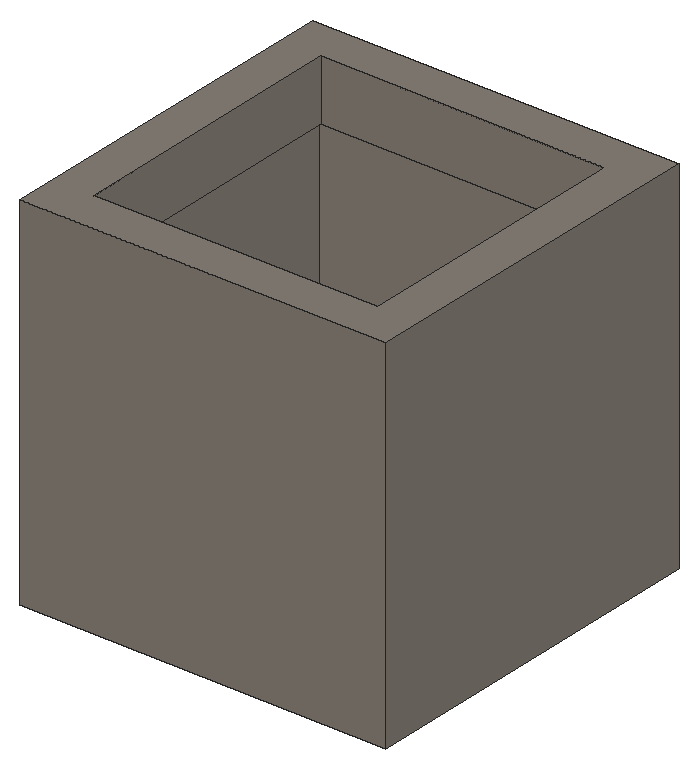
Revit family "Specialty_Equipment-Fiberglass_Planter-Planters_Unlimited-Baxter-Rectangular & Square-rev", category Specialty Equipment, Revit 2023
Family settings
  Round Connector Dimension = Use Diameter
  Part Type = Normal
  OmniClass Number = 23.40.05.21.17
  OmniClass Title = Planters
  Work Plane-Based = No
  Enable Cutting in Views = No
  Always vertical = Yes
  Cut with Voids When Loaded = No
  Maintain Annotation Orientation = No
  Shared = No
  Room Calculation Point = No
Parameters (values of type "18"L x 18"W x 18"H")
  URL = "https://www.plantersunlimited.com"
  Type Comments = if(CD_Length = CD_Width, "Square Planter", "Rectangular Planter")  # "Square Planter"
  Model = "Baxter Series Planter"  # constant formula
  Manufacturer = "Planters Unlimited"  # constant formula
  Description = if(CD_Length = CD_Width, "Baxter Square Planter", "Baxter Rectangular Planter")  # "Baxter Square Planter"
  Default Elevation = 0.0"
  CD_Width = 18.0"
  CD_Specification = "https://www.plantersunlimited.com/content/Planters/C19-LYN-REC.pdf"
  CD_Radius Baseplate = 5.95"
  CD_Product Page URL = "https://www.plantersunlimited.com/lynx-rectangular-planters48/"
  CD_Product Name [instance] = "Baxter Planter"  # constant formula
  CD_Planter Lip = 0.925"
  CD_Pad Spacing = 4.95"
  CD_Pad Size = 3.0"  # constant formula
  CD_Microsite = "https://www.caddetails.com/3404"
  CD_Height = 18.0"
  CD_Finish = Plastic-Fiberglass-Carlsbad-Gloss-Black_Fox
  CD_Length = 18.0"
  CD_Created By = "CADdetails LTD. 2024"  # constant formula
  Assembly Code = "G2050600"
Reference planes (in)
  plane 1 "Center (Front/Back)": y = 0
  plane 2: z = 0
  plane 3 "Center (Left/Right)": x = 0
  plane 4 "Right": x = 9
  plane 5 "Left": x = -9
  plane 6 "Back": y = 9
  plane 7 "Front": y = -9
  plane 8 "Top": z = 18
  plane 9 "Bottom": z = 0
  plane 10 "Bottom of Planter": z = 0.125
  plane 11 "Pad": z = 0.125
  plane 12 "Lip": y = 7
  plane 13 "Lip Depth": z = 15
  plane 14 "Pad1,2": x = -6.5
  plane 15 "Pad Back": y = 6.5
  plane 16 "Pad1,3": x = 0
  plane 17 "Pad1,4": x = 0
  plane 18 "Pad1,5": x = 0
  plane 19 "Pad5,6": x = 6.5
  plane 20 "Pad Front": y = -6.5
  plane 21 "Inner wall": y = 7.5
  plane 22 "Base Plate": z = 1
  plane 23: z = 1
  plane 24 "Base of the wall": z = 1
  plane 25 "Pad 3,4": x = 0
Forms (in)
  Sweep 1, solid, material "Plastic-Fiberglass-Carlsbad-Gloss-Black_Fox" <- "CD_Finish"
    path origin (0, 0, 0.125) x (-1, 0, 0) y (0, -1, 0)
      loop
        line (9, -9) -> (9, 9) -> (-9, 9) -> (-9, -9) -> (9, -9)
    profile origin (0, 9, 0.125) x (0, 1, 0) y (0, 0, 1)
      loop
        line (0, 17.875) -> (-2, 17.875) -> (-2, 14.875) -> (-1.5, 14.875) -> (-1.5, 0) -> (0, 0) -> (0, 17.875)
  Extrusion 2, solid, material "Plastic-Fiberglass-Carlsbad-Gloss-Black_Fox" <- "CD_Finish"
    sketch origin (0, 0, 0.125) x (-1, 0, 0) y (0, -1, 0)
      loop
        line (7.5, -7.5) -> (7.5, 7.5) -> (-7.5, 7.5) -> (-7.5, -7.5) -> (7.5, -7.5)
    from 0 to 0.875
  Extrusion 3, solid, material "Plastic-Fiberglass-Carlsbad-Gloss-Black_Fox"
    sketch origin (0, 0, 18) x (-1, 0, 0) y (0, -1, 0)
      loop
        line (8, -8) -> (8, -5) -> (5, -5) -> (5, -8) -> (8, -8)
    from -18 to -17.875
  Extrusion 4, solid, material "Plastic-Fiberglass-Carlsbad-Gloss-Black_Fox"
    sketch origin (0, 0, 18) x (-1, 0, 0) y (0, -1, 0)
      loop
        line (1.5, -8) -> (1.5, -5) -> (-1.5, -5) -> (-1.5, -8) -> (1.5, -8)
    from -18 to -17.875
  Extrusion 5, solid, material "Plastic-Fiberglass-Carlsbad-Gloss-Black_Fox"
    sketch origin (0, 0, 18) x (-1, 0, 0) y (0, -1, 0)
      loop
        line (-5, -8) -> (-5, -5) -> (-8, -5) -> (-8, -8) -> (-5, -8)
    from -18 to -17.875
  Extrusion 6, solid, material "Plastic-Fiberglass-Carlsbad-Gloss-Black_Fox"
    sketch origin (0, 0, 18) x (-1, 0, 0) y (0, -1, 0)
      loop
        line (8, 8) -> (5, 8) -> (5, 5) -> (8, 5) -> (8, 8)
    from -18 to -17.875
  Extrusion 7, solid, material "Plastic-Fiberglass-Carlsbad-Gloss-Black_Fox"
    sketch origin (0, 0, 18) x (-1, 0, 0) y (0, -1, 0)
      loop
        line (1.5, 8) -> (-1.5, 8) -> (-1.5, 5) -> (1.5, 5) -> (1.5, 8)
    from -18 to -17.875
  Extrusion 8, solid, material "Plastic-Fiberglass-Carlsbad-Gloss-Black_Fox"
    sketch origin (0, 0, 18) x (-1, 0, 0) y (0, -1, 0)
      loop
        line (-5, 8) -> (-8, 8) -> (-8, 5) -> (-5, 5) -> (-5, 8)
    from -18 to -17.875
Dimensions and locks (in)
  locked: plane 10 "Bottom of Planter" to level at 0.125
  plane 7 "Front" to plane 6 "Back" = 18.0"
  plane 7 "Front" to plane 1 "Center (Front/Back)" to plane 6 "Back" = 9.0", 9.0"
  locked: plane 6 "Back" to plane 12 "Lip" at 2
  locked: plane 8 "Top" to plane 13 "Lip Depth" at 3
  "CD_Length": plane 5 "Left" to plane 4 "Right"
  equal spacing: plane 5 "Left", plane 3 "Center (Left/Right)", plane 4 "Right"
  "CD_Width": plane 6 "Back" to plane 7 "Front"
  equal spacing: plane 6 "Back", plane 1 "Center (Front/Back)", plane 7 "Front"
  plane 6 "Back" to Sweep 1 = 2.0"  (x3)
  Sweep 1 to plane 4 "Right" = 2.0"  (x2)
  plane 5 "Left" to Sweep 1 = 2.0"  (x2)
  Sweep 1 to plane 7 "Front" = 2.0"  (x3)
  locked: plane 5 "Left" to plane 14 "Pad1,2" at 2.5
  plane 6 "Back" to plane 15 "Pad Back" = 2.5"
  "CD_Pad Size": Extrusion 3 sketch curve to Extrusion 3 sketch curve  (x2)
  equal spacing: Extrusion 3 sketch curve, plane 14 "Pad1,2", Extrusion 3 sketch curve, locked at 1.5 each
  equal spacing: Extrusion 3 sketch curve, plane 15 "Pad Back", Extrusion 3 sketch curve, locked at 1.5 each
  "CD_Pad Size": Extrusion 4 sketch curve to Extrusion 4 sketch curve  (x2)
  "CD_Pad Size": Extrusion 5 sketch curve to Extrusion 5 sketch curve  (x2)
  plane 19 "Pad5,6" to plane 4 "Right" = 2.5"
  plane 20 "Pad Front" to plane 7 "Front" = 2.5"  (x2)
  "CD_Pad Size": Extrusion 6 sketch curve to Extrusion 6 sketch curve  (x2)
  "CD_Pad Size": Extrusion 7 sketch curve to Extrusion 7 sketch curve  (x2)
  "CD_Pad Size": Extrusion 8 sketch curve to Extrusion 8 sketch curve  (x2)
  locked: plane 6 "Back" to plane 15 "Pad Back" at 2.5
  plane 5 "Left" to plane 4 "Right" = 18.0"
  plane 8 "Top" to level = 18.0"  (x2)
  plane 11 "Pad" to plane 8 "Top" = 17.875"
  "CD_Height": plane 8 "Top" to level
  plane 6 "Back" to plane 21 "Inner wall" = 1.5"
  locked: plane 24 "Base of the wall" to level at 1
  locked: level to plane 11 "Pad" at 0.125
  plane 24 "Base of the wall" to level = 1.0"
  plane 8 "Top" to Sweep 1 = 3.0"
  plane 6 "Back" to Extrusion 3 sketch curve = 1.0"
  plane 5 "Left" to Extrusion 3 sketch curve = 1.0"
  equal spacing: Extrusion 4 sketch curve, plane 25 "Pad 3,4", Extrusion 4 sketch curve, locked at 1.5 each
  equal spacing: Extrusion 4 sketch curve, plane 15 "Pad Back", Extrusion 4 sketch curve, locked at 1.5 each
  plane 6 "Back" to Extrusion 4 sketch curve = 1.0"
  equal spacing: Extrusion 5 sketch curve, plane 19 "Pad5,6", Extrusion 5 sketch curve, locked at 1.5 each
  equal spacing: Extrusion 5 sketch curve, plane 15 "Pad Back", Extrusion 5 sketch curve, locked at 1.5 each
  plane 6 "Back" to Extrusion 5 sketch curve = 1.0"
  Extrusion 5 sketch curve to plane 4 "Right" = 1.0"
  equal spacing: Extrusion 8 sketch curve, plane 20 "Pad Front", Extrusion 8 sketch curve, locked at 1.5 each
  equal spacing: Extrusion 8 sketch curve, plane 19 "Pad5,6", Extrusion 8 sketch curve, locked at 1.5 each
  Extrusion 8 sketch curve to plane 7 "Front" = 1.0"
  Extrusion 8 sketch curve to plane 4 "Right" = 1.0"
  equal spacing: Extrusion 7 sketch curve, plane 25 "Pad 3,4", Extrusion 7 sketch curve, locked at 1.5 each
  equal spacing: Extrusion 7 sketch curve, plane 20 "Pad Front", Extrusion 7 sketch curve, locked at 1.5 each
  Extrusion 7 sketch curve to plane 7 "Front" = 1.0"
  equal spacing: Extrusion 6 sketch curve, plane 14 "Pad1,2", Extrusion 6 sketch curve, locked at 1.5 each
  equal spacing: Extrusion 6 sketch curve, plane 20 "Pad Front", Extrusion 6 sketch curve, locked at 1.5 each
  plane 5 "Left" to Extrusion 6 sketch curve = 1.0"
  Extrusion 6 sketch curve to plane 7 "Front" = 1.0"
  locked: plane 6 "Back" to Extrusion 2 sketch curve at 1.5
  locked: Extrusion 2 sketch curve to plane 7 "Front" at 1.5
  locked: plane 5 "Left" to Extrusion 2 sketch curve at 1.5
  locked: Extrusion 2 sketch curve to plane 4 "Right" at 1.5
  aligned and locked: plane 2 to level
  aligned and locked: Sweep 1 sketch curve to plane 12 "Lip"
  aligned and locked: plane 13 "Lip Depth" to Sweep 1 sketch curve
  aligned and locked: Extrusion 6 to plane 9 "Bottom"
  aligned and locked: Extrusion 7 to plane 9 "Bottom"
  aligned and locked: Extrusion 8 to plane 9 "Bottom"
  aligned and locked: Extrusion 6 to plane 10 "Bottom of Planter"
  aligned and locked: Extrusion 7 to plane 10 "Bottom of Planter"
  aligned and locked: Extrusion 8 to Extrusion 2
  aligned and locked: Extrusion 5 to plane 9 "Bottom"
  aligned and locked: Extrusion 4 to plane 9 "Bottom"
  aligned and locked: Extrusion 3 to plane 9 "Bottom"
  aligned and locked: Extrusion 5 to plane 10 "Bottom of Planter"
  aligned and locked: Extrusion 4 to plane 11 "Pad"
  aligned and locked: Extrusion 3 to plane 11 "Pad"
  aligned and locked: Extrusion 4 to plane 10 "Bottom of Planter"
  aligned and locked: Sweep 1 sketch curve to plane 6 "Back"
  aligned and locked: Sweep 1 sketch curve to plane 8 "Top"
  aligned and locked: Sweep 1 sketch curve to plane 21 "Inner wall"
  aligned and locked: Extrusion 2 to plane 24 "Base of the wall"
  aligned and locked: Sweep 1 sketch curve to profile plane
Automatic sketch dimensions
  Sweep 1 sketch curve to plane 4 "Right" = 0.0"
  Sweep 1 sketch curve to plane 5 "Left" = 0.0"
  Sweep 1 sketch curve to plane 6 "Back" = 0.0"
  Sweep 1 sketch curve to plane 7 "Front" = 0.0"
  Sweep 1 sketch curve to plane 13 "Lip Depth" = 0.0"
Types (596): name | Type Comments | Description | CD_Width | CD_Specification | CD_Product Page URL | CD_Height | CD_Length
  30"L x 12"W x 18"H | "Rectangular Planter" | "Baxter Rectangular Planter" | 12.0" | "https://www.plantersunlimited.com/content/Planters/C19-LYN-REC.pdf" | "https://www.plantersunlimited.com/lynx-rectangular-planters48/" | 18.0" | 30.0"
  30"L x 12"W x 24"H | "Rectangular Planter" | "Baxter Rectangular Planter" | 12.0" | "https://www.plantersunlimited.com/content/Planters/C19-LYN-REC.pdf" | "https://www.plantersunlimited.com/lynx-rectangular-planters48/" | 24.0" | 30.0"
  30"L x 12"W x 30"H | "Rectangular Planter" | "Baxter Rectangular Planter" | 12.0" | "https://www.plantersunlimited.com/content/Planters/C19-LYN-REC.pdf" | "https://www.plantersunlimited.com/lynx-rectangular-planters48/" | 30.0" | 30.0"
  30"L x 12"W x 36"H | "Rectangular Planter" | "Baxter Rectangular Planter" | 12.0" | "https://www.plantersunlimited.com/content/Planters/C19-LYN-REC.pdf" | "https://www.plantersunlimited.com/lynx-rectangular-planters48/" | 36.0" | 30.0"
  30"L x 15"W x 18"H | "Rectangular Planter" | "Baxter Rectangular Planter" | 15.0" | "https://www.plantersunlimited.com/content/Planters/C19-LYN-REC.pdf" | "https://www.plantersunlimited.com/lynx-rectangular-planters48/" | 18.0" | 30.0"
  30"L x 15"W x 24"H | "Rectangular Planter" | "Baxter Rectangular Planter" | 15.0" | "https://www.plantersunlimited.com/content/Planters/C19-LYN-REC.pdf" | "https://www.plantersunlimited.com/lynx-rectangular-planters48/" | 24.0" | 30.0"
  30"L x 15"W x 30"H | "Rectangular Planter" | "Baxter Rectangular Planter" | 15.0" | "https://www.plantersunlimited.com/content/Planters/C19-LYN-REC.pdf" | "https://www.plantersunlimited.com/lynx-rectangular-planters48/" | 30.0" | 30.0"
  30"L x 15"W x 36"H | "Rectangular Planter" | "Baxter Rectangular Planter" | 15.0" | "https://www.plantersunlimited.com/content/Planters/C19-LYN-REC.pdf" | "https://www.plantersunlimited.com/lynx-rectangular-planters48/" | 36.0" | 30.0"
  30"L x 15"W x 42"H | "Rectangular Planter" | "Baxter Rectangular Planter" | 15.0" | "https://www.plantersunlimited.com/content/Planters/C19-LYN-REC.pdf" | "https://www.plantersunlimited.com/lynx-rectangular-planters48/" | 42.0" | 30.0"
  30"L x 15"W x 48"H | "Rectangular Planter" | "Baxter Rectangular Planter" | 15.0" | "https://www.plantersunlimited.com/content/Planters/C19-LYN-REC.pdf" | "https://www.plantersunlimited.com/lynx-rectangular-planters48/" | 48.0" | 30.0"
  30"L x 18"W x 18"H | "Rectangular Planter" | "Baxter Rectangular Planter" | 18.0" | "https://www.plantersunlimited.com/content/Planters/C19-LYN-REC.pdf" | "https://www.plantersunlimited.com/lynx-rectangular-planters48/" | 18.0" | 30.0"
  30"L x 18"W x 24"H | "Rectangular Planter" | "Baxter Rectangular Planter" | 18.0" | "https://www.plantersunlimited.com/content/Planters/C19-LYN-REC.pdf" | "https://www.plantersunlimited.com/lynx-rectangular-planters48/" | 24.0" | 30.0"
  30"L x 18"W x 30"H | "Rectangular Planter" | "Baxter Rectangular Planter" | 18.0" | "https://www.plantersunlimited.com/content/Planters/C19-LYN-REC.pdf" | "https://www.plantersunlimited.com/lynx-rectangular-planters48/" | 30.0" | 30.0"
  30"L x 18"W x 36"H | "Rectangular Planter" | "Baxter Rectangular Planter" | 18.0" | "https://www.plantersunlimited.com/content/Planters/C19-LYN-REC.pdf" | "https://www.plantersunlimited.com/lynx-rectangular-planters48/" | 36.0" | 30.0"
  30"L x 18"W x 42"H | "Rectangular Planter" | "Baxter Rectangular Planter" | 18.0" | "https://www.plantersunlimited.com/content/Planters/C19-LYN-REC.pdf" | "https://www.plantersunlimited.com/lynx-rectangular-planters48/" | 42.0" | 30.0"
  30"L x 18"W x 48"H | "Rectangular Planter" | "Baxter Rectangular Planter" | 18.0" | "https://www.plantersunlimited.com/content/Planters/C19-LYN-REC.pdf" | "https://www.plantersunlimited.com/lynx-rectangular-planters48/" | 48.0" | 30.0"
  30"L x 24"W x 18"H | "Rectangular Planter" | "Baxter Rectangular Planter" | 24.0" | "https://www.plantersunlimited.com/content/Planters/C19-LYN-REC.pdf" | "https://www.plantersunlimited.com/lynx-rectangular-planters48/" | 18.0" | 30.0"
  30"L x 24"W x 24"H | "Rectangular Planter" | "Baxter Rectangular Planter" | 24.0" | "https://www.plantersunlimited.com/content/Planters/C19-LYN-REC.pdf" | "https://www.plantersunlimited.com/lynx-rectangular-planters48/" | 24.0" | 30.0"
  30"L x 24"W x 30"H | "Rectangular Planter" | "Baxter Rectangular Planter" | 24.0" | "https://www.plantersunlimited.com/content/Planters/C19-LYN-REC.pdf" | "https://www.plantersunlimited.com/lynx-rectangular-planters48/" | 30.0" | 30.0"
  30"L x 24"W x 36"H | "Rectangular Planter" | "Baxter Rectangular Planter" | 24.0" | "https://www.plantersunlimited.com/content/Planters/C19-LYN-REC.pdf" | "https://www.plantersunlimited.com/lynx-rectangular-planters48/" | 36.0" | 30.0"
  30"L x 24"W x 42"H | "Rectangular Planter" | "Baxter Rectangular Planter" | 24.0" | "https://www.plantersunlimited.com/content/Planters/C19-LYN-REC.pdf" | "https://www.plantersunlimited.com/lynx-rectangular-planters48/" | 42.0" | 30.0"
  30"L x 24"W x 48"H | "Rectangular Planter" | "Baxter Rectangular Planter" | 24.0" | "https://www.plantersunlimited.com/content/Planters/C19-LYN-REC.pdf" | "https://www.plantersunlimited.com/lynx-rectangular-planters48/" | 48.0" | 30.0"
  36"L x 12"W x 18"H | "Rectangular Planter" | "Baxter Rectangular Planter" | 12.0" | "https://www.plantersunlimited.com/content/Planters/C19-LYN-REC.pdf" | "https://www.plantersunlimited.com/lynx-rectangular-planters48/" | 18.0" | 36.0"
  36"L x 12"W x 24"H | "Rectangular Planter" | "Baxter Rectangular Planter" | 12.0" | "https://www.plantersunlimited.com/content/Planters/C19-LYN-REC.pdf" | "https://www.plantersunlimited.com/lynx-rectangular-planters48/" | 24.0" | 36.0"
  36"L x 12"W x 30"H | "Rectangular Planter" | "Baxter Rectangular Planter" | 12.0" | "https://www.plantersunlimited.com/content/Planters/C19-LYN-REC.pdf" | "https://www.plantersunlimited.com/lynx-rectangular-planters48/" | 30.0" | 36.0"
  36"L x 12"W x 36"H | "Rectangular Planter" | "Baxter Rectangular Planter" | 12.0" | "https://www.plantersunlimited.com/content/Planters/C19-LYN-REC.pdf" | "https://www.plantersunlimited.com/lynx-rectangular-planters48/" | 36.0" | 36.0"
  36"L x 15"W x 18"H | "Rectangular Planter" | "Baxter Rectangular Planter" | 15.0" | "https://www.plantersunlimited.com/content/Planters/C19-LYN-REC.pdf" | "https://www.plantersunlimited.com/lynx-rectangular-planters48/" | 18.0" | 36.0"
  36"L x 15"W x 24"H | "Rectangular Planter" | "Baxter Rectangular Planter" | 15.0" | "https://www.plantersunlimited.com/content/Planters/C19-LYN-REC.pdf" | "https://www.plantersunlimited.com/lynx-rectangular-planters48/" | 24.0" | 36.0"
  36"L x 15"W x 30"H | "Rectangular Planter" | "Baxter Rectangular Planter" | 15.0" | "https://www.plantersunlimited.com/content/Planters/C19-LYN-REC.pdf" | "https://www.plantersunlimited.com/lynx-rectangular-planters48/" | 30.0" | 36.0"
  36"L x 15"W x 36"H | "Rectangular Planter" | "Baxter Rectangular Planter" | 15.0" | "https://www.plantersunlimited.com/content/Planters/C19-LYN-REC.pdf" | "https://www.plantersunlimited.com/lynx-rectangular-planters48/" | 36.0" | 36.0"
  36"L x 15"W x 42"H | "Rectangular Planter" | "Baxter Rectangular Planter" | 15.0" | "https://www.plantersunlimited.com/content/Planters/C19-LYN-REC.pdf" | "https://www.plantersunlimited.com/lynx-rectangular-planters48/" | 42.0" | 36.0"
  36"L x 15"W x 48"H | "Rectangular Planter" | "Baxter Rectangular Planter" | 15.0" | "https://www.plantersunlimited.com/content/Planters/C19-LYN-REC.pdf" | "https://www.plantersunlimited.com/lynx-rectangular-planters48/" | 48.0" | 36.0"
  36"L x 18"W x 18"H | "Rectangular Planter" | "Baxter Rectangular Planter" | 18.0" | "https://www.plantersunlimited.com/content/Planters/C19-LYN-REC.pdf" | "https://www.plantersunlimited.com/lynx-rectangular-planters48/" | 18.0" | 36.0"
  36"L x 18"W x 24"H | "Rectangular Planter" | "Baxter Rectangular Planter" | 18.0" | "https://www.plantersunlimited.com/content/Planters/C19-LYN-REC.pdf" | "https://www.plantersunlimited.com/lynx-rectangular-planters48/" | 24.0" | 36.0"
  36"L x 18"W x 30"H | "Rectangular Planter" | "Baxter Rectangular Planter" | 18.0" | "https://www.plantersunlimited.com/content/Planters/C19-LYN-REC.pdf" | "https://www.plantersunlimited.com/lynx-rectangular-planters48/" | 30.0" | 36.0"
  36"L x 18"W x 36"H | "Rectangular Planter" | "Baxter Rectangular Planter" | 18.0" | "https://www.plantersunlimited.com/content/Planters/C19-LYN-REC.pdf" | "https://www.plantersunlimited.com/lynx-rectangular-planters48/" | 36.0" | 36.0"
  36"L x 18"W x 42"H | "Rectangular Planter" | "Baxter Rectangular Planter" | 18.0" | "https://www.plantersunlimited.com/content/Planters/C19-LYN-REC.pdf" | "https://www.plantersunlimited.com/lynx-rectangular-planters48/" | 42.0" | 36.0"
  36"L x 18"W x 48"H | "Rectangular Planter" | "Baxter Rectangular Planter" | 18.0" | "https://www.plantersunlimited.com/content/Planters/C19-LYN-REC.pdf" | "https://www.plantersunlimited.com/lynx-rectangular-planters48/" | 48.0" | 36.0"
  36"L x 24"W x 18"H | "Rectangular Planter" | "Baxter Rectangular Planter" | 24.0" | "https://www.plantersunlimited.com/content/Planters/C19-LYN-REC.pdf" | "https://www.plantersunlimited.com/lynx-rectangular-planters48/" | 18.0" | 36.0"
  36"L x 24"W x 24"H | "Rectangular Planter" | "Baxter Rectangular Planter" | 24.0" | "https://www.plantersunlimited.com/content/Planters/C19-LYN-REC.pdf" | "https://www.plantersunlimited.com/lynx-rectangular-planters48/" | 24.0" | 36.0"
  36"L x 24"W x 30"H | "Rectangular Planter" | "Baxter Rectangular Planter" | 24.0" | "https://www.plantersunlimited.com/content/Planters/C19-LYN-REC.pdf" | "https://www.plantersunlimited.com/lynx-rectangular-planters48/" | 30.0" | 36.0"
  36"L x 24"W x 36"H | "Rectangular Planter" | "Baxter Rectangular Planter" | 24.0" | "https://www.plantersunlimited.com/content/Planters/C19-LYN-REC.pdf" | "https://www.plantersunlimited.com/lynx-rectangular-planters48/" | 36.0" | 36.0"
  36"L x 24"W x 42"H | "Rectangular Planter" | "Baxter Rectangular Planter" | 24.0" | "https://www.plantersunlimited.com/content/Planters/C19-LYN-REC.pdf" | "https://www.plantersunlimited.com/lynx-rectangular-planters48/" | 42.0" | 36.0"
  36"L x 24"W x 48"H | "Rectangular Planter" | "Baxter Rectangular Planter" | 24.0" | "https://www.plantersunlimited.com/content/Planters/C19-LYN-REC.pdf" | "https://www.plantersunlimited.com/lynx-rectangular-planters48/" | 48.0" | 36.0"
  36"L x 30"W x 18"H | "Rectangular Planter" | "Baxter Rectangular Planter" | 30.0" | "https://www.plantersunlimited.com/content/Planters/C19-LYN-REC.pdf" | "https://www.plantersunlimited.com/lynx-rectangular-planters48/" | 18.0" | 36.0"
  36"L x 30"W x 24"H | "Rectangular Planter" | "Baxter Rectangular Planter" | 30.0" | "https://www.plantersunlimited.com/content/Planters/C19-LYN-REC.pdf" | "https://www.plantersunlimited.com/lynx-rectangular-planters48/" | 24.0" | 36.0"
  36"L x 30"W x 30"H | "Rectangular Planter" | "Baxter Rectangular Planter" | 30.0" | "https://www.plantersunlimited.com/content/Planters/C19-LYN-REC.pdf" | "https://www.plantersunlimited.com/lynx-rectangular-planters48/" | 30.0" | 36.0"
  36"L x 30"W x 36"H | "Rectangular Planter" | "Baxter Rectangular Planter" | 30.0" | "https://www.plantersunlimited.com/content/Planters/C19-LYN-REC.pdf" | "https://www.plantersunlimited.com/lynx-rectangular-planters48/" | 36.0" | 36.0"
  36"L x 30"W x 42"H | "Rectangular Planter" | "Baxter Rectangular Planter" | 30.0" | "https://www.plantersunlimited.com/content/Planters/C19-LYN-REC.pdf" | "https://www.plantersunlimited.com/lynx-rectangular-planters48/" | 42.0" | 36.0"
  36"L x 30"W x 48"H | "Rectangular Planter" | "Baxter Rectangular Planter" | 30.0" | "https://www.plantersunlimited.com/content/Planters/C19-LYN-REC.pdf" | "https://www.plantersunlimited.com/lynx-rectangular-planters48/" | 48.0" | 36.0"
  42"L x 12"W x 18"H | "Rectangular Planter" | "Baxter Rectangular Planter" | 12.0" | "https://www.plantersunlimited.com/content/Planters/C19-LYN-REC.pdf" | "https://www.plantersunlimited.com/lynx-rectangular-planters48/" | 18.0" | 42.0"
  42"L x 12"W x 24"H | "Rectangular Planter" | "Baxter Rectangular Planter" | 12.0" | "https://www.plantersunlimited.com/content/Planters/C19-LYN-REC.pdf" | "https://www.plantersunlimited.com/lynx-rectangular-planters48/" | 24.0" | 42.0"
  42"L x 12"W x 30"H | "Rectangular Planter" | "Baxter Rectangular Planter" | 12.0" | "https://www.plantersunlimited.com/content/Planters/C19-LYN-REC.pdf" | "https://www.plantersunlimited.com/lynx-rectangular-planters48/" | 30.0" | 42.0"
  42"L x 12"W x 36"H | "Rectangular Planter" | "Baxter Rectangular Planter" | 12.0" | "https://www.plantersunlimited.com/content/Planters/C19-LYN-REC.pdf" | "https://www.plantersunlimited.com/lynx-rectangular-planters48/" | 36.0" | 42.0"
  42"L x 15"W x 18"H | "Rectangular Planter" | "Baxter Rectangular Planter" | 15.0" | "https://www.plantersunlimited.com/content/Planters/C19-LYN-REC.pdf" | "https://www.plantersunlimited.com/lynx-rectangular-planters48/" | 18.0" | 42.0"
  42"L x 15"W x 24"H | "Rectangular Planter" | "Baxter Rectangular Planter" | 15.0" | "https://www.plantersunlimited.com/content/Planters/C19-LYN-REC.pdf" | "https://www.plantersunlimited.com/lynx-rectangular-planters48/" | 24.0" | 42.0"
  42"L x 15"W x 30"H | "Rectangular Planter" | "Baxter Rectangular Planter" | 15.0" | "https://www.plantersunlimited.com/content/Planters/C19-LYN-REC.pdf" | "https://www.plantersunlimited.com/lynx-rectangular-planters48/" | 30.0" | 42.0"
  42"L x 15"W x 36"H | "Rectangular Planter" | "Baxter Rectangular Planter" | 15.0" | "https://www.plantersunlimited.com/content/Planters/C19-LYN-REC.pdf" | "https://www.plantersunlimited.com/lynx-rectangular-planters48/" | 36.0" | 42.0"
  42"L x 15"W x 42"H | "Rectangular Planter" | "Baxter Rectangular Planter" | 15.0" | "https://www.plantersunlimited.com/content/Planters/C19-LYN-REC.pdf" | "https://www.plantersunlimited.com/lynx-rectangular-planters48/" | 42.0" | 42.0"
  42"L x 15"W x 48"H | "Rectangular Planter" | "Baxter Rectangular Planter" | 15.0" | "https://www.plantersunlimited.com/content/Planters/C19-LYN-REC.pdf" | "https://www.plantersunlimited.com/lynx-rectangular-planters48/" | 48.0" | 42.0"
  42"L x 18"W x 18"H | "Rectangular Planter" | "Baxter Rectangular Planter" | 18.0" | "https://www.plantersunlimited.com/content/Planters/C19-LYN-REC.pdf" | "https://www.plantersunlimited.com/lynx-rectangular-planters48/" | 18.0" | 42.0"
  42"L x 18"W x 24"H | "Rectangular Planter" | "Baxter Rectangular Planter" | 18.0" | "https://www.plantersunlimited.com/content/Planters/C19-LYN-REC.pdf" | "https://www.plantersunlimited.com/lynx-rectangular-planters48/" | 24.0" | 42.0"
  42"L x 18"W x 30"H | "Rectangular Planter" | "Baxter Rectangular Planter" | 18.0" | "https://www.plantersunlimited.com/content/Planters/C19-LYN-REC.pdf" | "https://www.plantersunlimited.com/lynx-rectangular-planters48/" | 30.0" | 42.0"
  42"L x 18"W x 36"H | "Rectangular Planter" | "Baxter Rectangular Planter" | 18.0" | "https://www.plantersunlimited.com/content/Planters/C19-LYN-REC.pdf" | "https://www.plantersunlimited.com/lynx-rectangular-planters48/" | 36.0" | 42.0"
  42"L x 18"W x 42"H | "Rectangular Planter" | "Baxter Rectangular Planter" | 18.0" | "https://www.plantersunlimited.com/content/Planters/C19-LYN-REC.pdf" | "https://www.plantersunlimited.com/lynx-rectangular-planters48/" | 42.0" | 42.0"
  42"L x 18"W x 48"H | "Rectangular Planter" | "Baxter Rectangular Planter" | 18.0" | "https://www.plantersunlimited.com/content/Planters/C19-LYN-REC.pdf" | "https://www.plantersunlimited.com/lynx-rectangular-planters48/" | 48.0" | 42.0"
  42"L x 24"W x 18"H | "Rectangular Planter" | "Baxter Rectangular Planter" | 24.0" | "https://www.plantersunlimited.com/content/Planters/C19-LYN-REC.pdf" | "https://www.plantersunlimited.com/lynx-rectangular-planters48/" | 18.0" | 42.0"
  42"L x 24"W x 24"H | "Rectangular Planter" | "Baxter Rectangular Planter" | 24.0" | "https://www.plantersunlimited.com/content/Planters/C19-LYN-REC.pdf" | "https://www.plantersunlimited.com/lynx-rectangular-planters48/" | 24.0" | 42.0"
  42"L x 24"W x 30"H | "Rectangular Planter" | "Baxter Rectangular Planter" | 24.0" | "https://www.plantersunlimited.com/content/Planters/C19-LYN-REC.pdf" | "https://www.plantersunlimited.com/lynx-rectangular-planters48/" | 30.0" | 42.0"
  42"L x 24"W x 36"H | "Rectangular Planter" | "Baxter Rectangular Planter" | 24.0" | "https://www.plantersunlimited.com/content/Planters/C19-LYN-REC.pdf" | "https://www.plantersunlimited.com/lynx-rectangular-planters48/" | 36.0" | 42.0"
  42"L x 24"W x 42"H | "Rectangular Planter" | "Baxter Rectangular Planter" | 24.0" | "https://www.plantersunlimited.com/content/Planters/C19-LYN-REC.pdf" | "https://www.plantersunlimited.com/lynx-rectangular-planters48/" | 42.0" | 42.0"
  42"L x 24"W x 48"H | "Rectangular Planter" | "Baxter Rectangular Planter" | 24.0" | "https://www.plantersunlimited.com/content/Planters/C19-LYN-REC.pdf" | "https://www.plantersunlimited.com/lynx-rectangular-planters48/" | 48.0" | 42.0"
  42"L x 30"W x 18"H | "Rectangular Planter" | "Baxter Rectangular Planter" | 30.0" | "https://www.plantersunlimited.com/content/Planters/C19-LYN-REC.pdf" | "https://www.plantersunlimited.com/lynx-rectangular-planters48/" | 18.0" | 42.0"
  42"L x 30"W x 24"H | "Rectangular Planter" | "Baxter Rectangular Planter" | 30.0" | "https://www.plantersunlimited.com/content/Planters/C19-LYN-REC.pdf" | "https://www.plantersunlimited.com/lynx-rectangular-planters48/" | 24.0" | 42.0"
  42"L x 30"W x 30"H | "Rectangular Planter" | "Baxter Rectangular Planter" | 30.0" | "https://www.plantersunlimited.com/content/Planters/C19-LYN-REC.pdf" | "https://www.plantersunlimited.com/lynx-rectangular-planters48/" | 30.0" | 42.0"
  42"L x 30"W x 36"H | "Rectangular Planter" | "Baxter Rectangular Planter" | 30.0" | "https://www.plantersunlimited.com/content/Planters/C19-LYN-REC.pdf" | "https://www.plantersunlimited.com/lynx-rectangular-planters48/" | 36.0" | 42.0"
  42"L x 30"W x 42"H | "Rectangular Planter" | "Baxter Rectangular Planter" | 30.0" | "https://www.plantersunlimited.com/content/Planters/C19-LYN-REC.pdf" | "https://www.plantersunlimited.com/lynx-rectangular-planters48/" | 42.0" | 42.0"
  42"L x 30"W x 48"H | "Rectangular Planter" | "Baxter Rectangular Planter" | 30.0" | "https://www.plantersunlimited.com/content/Planters/C19-LYN-REC.pdf" | "https://www.plantersunlimited.com/lynx-rectangular-planters48/" | 48.0" | 42.0"
  42"L x 36"W x 18"H | "Rectangular Planter" | "Baxter Rectangular Planter" | 36.0" | "https://www.plantersunlimited.com/content/Planters/C19-LYN-REC.pdf" | "https://www.plantersunlimited.com/lynx-rectangular-planters48/" | 18.0" | 42.0"
  42"L x 36"W x 24"H | "Rectangular Planter" | "Baxter Rectangular Planter" | 36.0" | "https://www.plantersunlimited.com/content/Planters/C19-LYN-REC.pdf" | "https://www.plantersunlimited.com/lynx-rectangular-planters48/" | 24.0" | 42.0"
  42"L x 36"W x 30"H | "Rectangular Planter" | "Baxter Rectangular Planter" | 36.0" | "https://www.plantersunlimited.com/content/Planters/C19-LYN-REC.pdf" | "https://www.plantersunlimited.com/lynx-rectangular-planters48/" | 30.0" | 42.0"
  42"L x 36"W x 36"H | "Rectangular Planter" | "Baxter Rectangular Planter" | 36.0" | "https://www.plantersunlimited.com/content/Planters/C19-LYN-REC.pdf" | "https://www.plantersunlimited.com/lynx-rectangular-planters48/" | 36.0" | 42.0"
  42"L x 36"W x 42"H | "Rectangular Planter" | "Baxter Rectangular Planter" | 36.0" | "https://www.plantersunlimited.com/content/Planters/C19-LYN-REC.pdf" | "https://www.plantersunlimited.com/lynx-rectangular-planters48/" | 42.0" | 42.0"
  42"L x 36"W x 48"H | "Rectangular Planter" | "Baxter Rectangular Planter" | 36.0" | "https://www.plantersunlimited.com/content/Planters/C19-LYN-REC.pdf" | "https://www.plantersunlimited.com/lynx-rectangular-planters48/" | 48.0" | 42.0"
  48"L x 12"W x 18"H | "Rectangular Planter" | "Baxter Rectangular Planter" | 12.0" | "https://www.plantersunlimited.com/content/Planters/C19-LYN-REC.pdf" | "https://www.plantersunlimited.com/lynx-rectangular-planters48/" | 18.0" | 48.0"
  48"L x 12"W x 24"H | "Rectangular Planter" | "Baxter Rectangular Planter" | 12.0" | "https://www.plantersunlimited.com/content/Planters/C19-LYN-REC.pdf" | "https://www.plantersunlimited.com/lynx-rectangular-planters48/" | 24.0" | 48.0"
  48"L x 12"W x 30"H | "Rectangular Planter" | "Baxter Rectangular Planter" | 12.0" | "https://www.plantersunlimited.com/content/Planters/C19-LYN-REC.pdf" | "https://www.plantersunlimited.com/lynx-rectangular-planters48/" | 30.0" | 48.0"
  48"L x 12"W x 36"H | "Rectangular Planter" | "Baxter Rectangular Planter" | 12.0" | "https://www.plantersunlimited.com/content/Planters/C19-LYN-REC.pdf" | "https://www.plantersunlimited.com/lynx-rectangular-planters48/" | 36.0" | 48.0"
  48"L x 15"W x 18"H | "Rectangular Planter" | "Baxter Rectangular Planter" | 15.0" | "https://www.plantersunlimited.com/content/Planters/C19-LYN-REC.pdf" | "https://www.plantersunlimited.com/lynx-rectangular-planters48/" | 18.0" | 48.0"
  48"L x 15"W x 24"H | "Rectangular Planter" | "Baxter Rectangular Planter" | 15.0" | "https://www.plantersunlimited.com/content/Planters/C19-LYN-REC.pdf" | "https://www.plantersunlimited.com/lynx-rectangular-planters48/" | 24.0" | 48.0"
  48"L x 15"W x 30"H | "Rectangular Planter" | "Baxter Rectangular Planter" | 15.0" | "https://www.plantersunlimited.com/content/Planters/C19-LYN-REC.pdf" | "https://www.plantersunlimited.com/lynx-rectangular-planters48/" | 30.0" | 48.0"
  48"L x 15"W x 36"H | "Rectangular Planter" | "Baxter Rectangular Planter" | 15.0" | "https://www.plantersunlimited.com/content/Planters/C19-LYN-REC.pdf" | "https://www.plantersunlimited.com/lynx-rectangular-planters48/" | 36.0" | 48.0"
  48"L x 15"W x 42"H | "Rectangular Planter" | "Baxter Rectangular Planter" | 15.0" | "https://www.plantersunlimited.com/content/Planters/C19-LYN-REC.pdf" | "https://www.plantersunlimited.com/lynx-rectangular-planters48/" | 42.0" | 48.0"
  48"L x 15"W x 48"H | "Rectangular Planter" | "Baxter Rectangular Planter" | 15.0" | "https://www.plantersunlimited.com/content/Planters/C19-LYN-REC.pdf" | "https://www.plantersunlimited.com/lynx-rectangular-planters48/" | 48.0" | 48.0"
  48"L x 18"W x 18"H | "Rectangular Planter" | "Baxter Rectangular Planter" | 18.0" | "https://www.plantersunlimited.com/content/Planters/C19-LYN-REC.pdf" | "https://www.plantersunlimited.com/lynx-rectangular-planters48/" | 18.0" | 48.0"
  48"L x 18"W x 24"H | "Rectangular Planter" | "Baxter Rectangular Planter" | 18.0" | "https://www.plantersunlimited.com/content/Planters/C19-LYN-REC.pdf" | "https://www.plantersunlimited.com/lynx-rectangular-planters48/" | 24.0" | 48.0"
  48"L x 18"W x 30"H | "Rectangular Planter" | "Baxter Rectangular Planter" | 18.0" | "https://www.plantersunlimited.com/content/Planters/C19-LYN-REC.pdf" | "https://www.plantersunlimited.com/lynx-rectangular-planters48/" | 30.0" | 48.0"
  48"L x 18"W x 36"H | "Rectangular Planter" | "Baxter Rectangular Planter" | 18.0" | "https://www.plantersunlimited.com/content/Planters/C19-LYN-REC.pdf" | "https://www.plantersunlimited.com/lynx-rectangular-planters48/" | 36.0" | 48.0"
  48"L x 18"W x 42"H | "Rectangular Planter" | "Baxter Rectangular Planter" | 18.0" | "https://www.plantersunlimited.com/content/Planters/C19-LYN-REC.pdf" | "https://www.plantersunlimited.com/lynx-rectangular-planters48/" | 42.0" | 48.0"
  48"L x 18"W x 48"H | "Rectangular Planter" | "Baxter Rectangular Planter" | 18.0" | "https://www.plantersunlimited.com/content/Planters/C19-LYN-REC.pdf" | "https://www.plantersunlimited.com/lynx-rectangular-planters48/" | 48.0" | 48.0"
  48"L x 24"W x 18"H | "Rectangular Planter" | "Baxter Rectangular Planter" | 24.0" | "https://www.plantersunlimited.com/content/Planters/C19-LYN-REC.pdf" | "https://www.plantersunlimited.com/lynx-rectangular-planters48/" | 18.0" | 48.0"
  48"L x 24"W x 24"H | "Rectangular Planter" | "Baxter Rectangular Planter" | 24.0" | "https://www.plantersunlimited.com/content/Planters/C19-LYN-REC.pdf" | "https://www.plantersunlimited.com/lynx-rectangular-planters48/" | 24.0" | 48.0"
  48"L x 24"W x 30"H | "Rectangular Planter" | "Baxter Rectangular Planter" | 24.0" | "https://www.plantersunlimited.com/content/Planters/C19-LYN-REC.pdf" | "https://www.plantersunlimited.com/lynx-rectangular-planters48/" | 30.0" | 48.0"
  48"L x 24"W x 36"H | "Rectangular Planter" | "Baxter Rectangular Planter" | 24.0" | "https://www.plantersunlimited.com/content/Planters/C19-LYN-REC.pdf" | "https://www.plantersunlimited.com/lynx-rectangular-planters48/" | 36.0" | 48.0"
  48"L x 24"W x 42"H | "Rectangular Planter" | "Baxter Rectangular Planter" | 24.0" | "https://www.plantersunlimited.com/content/Planters/C19-LYN-REC.pdf" | "https://www.plantersunlimited.com/lynx-rectangular-planters48/" | 42.0" | 48.0"
  48"L x 24"W x 48"H | "Rectangular Planter" | "Baxter Rectangular Planter" | 24.0" | "https://www.plantersunlimited.com/content/Planters/C19-LYN-REC.pdf" | "https://www.plantersunlimited.com/lynx-rectangular-planters48/" | 48.0" | 48.0"
  48"L x 30"W x 18"H | "Rectangular Planter" | "Baxter Rectangular Planter" | 30.0" | "https://www.plantersunlimited.com/content/Planters/C19-LYN-REC.pdf" | "https://www.plantersunlimited.com/lynx-rectangular-planters48/" | 18.0" | 48.0"
  48"L x 30"W x 24"H | "Rectangular Planter" | "Baxter Rectangular Planter" | 30.0" | "https://www.plantersunlimited.com/content/Planters/C19-LYN-REC.pdf" | "https://www.plantersunlimited.com/lynx-rectangular-planters48/" | 24.0" | 48.0"
  48"L x 30"W x 30"H | "Rectangular Planter" | "Baxter Rectangular Planter" | 30.0" | "https://www.plantersunlimited.com/content/Planters/C19-LYN-REC.pdf" | "https://www.plantersunlimited.com/lynx-rectangular-planters48/" | 30.0" | 48.0"
  48"L x 30"W x 36"H | "Rectangular Planter" | "Baxter Rectangular Planter" | 30.0" | "https://www.plantersunlimited.com/content/Planters/C19-LYN-REC.pdf" | "https://www.plantersunlimited.com/lynx-rectangular-planters48/" | 36.0" | 48.0"
  48"L x 30"W x 42"H | "Rectangular Planter" | "Baxter Rectangular Planter" | 30.0" | "https://www.plantersunlimited.com/content/Planters/C19-LYN-REC.pdf" | "https://www.plantersunlimited.com/lynx-rectangular-planters48/" | 42.0" | 48.0"
  48"L x 30"W x 48"H | "Rectangular Planter" | "Baxter Rectangular Planter" | 30.0" | "https://www.plantersunlimited.com/content/Planters/C19-LYN-REC.pdf" | "https://www.plantersunlimited.com/lynx-rectangular-planters48/" | 48.0" | 48.0"
  48"L x 36"W x 18"H | "Rectangular Planter" | "Baxter Rectangular Planter" | 36.0" | "https://www.plantersunlimited.com/content/Planters/C19-LYN-REC.pdf" | "https://www.plantersunlimited.com/lynx-rectangular-planters48/" | 18.0" | 48.0"
  48"L x 36"W x 24"H | "Rectangular Planter" | "Baxter Rectangular Planter" | 36.0" | "https://www.plantersunlimited.com/content/Planters/C19-LYN-REC.pdf" | "https://www.plantersunlimited.com/lynx-rectangular-planters48/" | 24.0" | 48.0"
  48"L x 36"W x 30"H | "Rectangular Planter" | "Baxter Rectangular Planter" | 36.0" | "https://www.plantersunlimited.com/content/Planters/C19-LYN-REC.pdf" | "https://www.plantersunlimited.com/lynx-rectangular-planters48/" | 30.0" | 48.0"
  48"L x 36"W x 36"H | "Rectangular Planter" | "Baxter Rectangular Planter" | 36.0" | "https://www.plantersunlimited.com/content/Planters/C19-LYN-REC.pdf" | "https://www.plantersunlimited.com/lynx-rectangular-planters48/" | 36.0" | 48.0"
  48"L x 36"W x 42"H | "Rectangular Planter" | "Baxter Rectangular Planter" | 36.0" | "https://www.plantersunlimited.com/content/Planters/C19-LYN-REC.pdf" | "https://www.plantersunlimited.com/lynx-rectangular-planters48/" | 42.0" | 48.0"
  48"L x 36"W x 48"H | "Rectangular Planter" | "Baxter Rectangular Planter" | 36.0" | "https://www.plantersunlimited.com/content/Planters/C19-LYN-REC.pdf" | "https://www.plantersunlimited.com/lynx-rectangular-planters48/" | 48.0" | 48.0"
  48"L x 42"W x 18"H | "Rectangular Planter" | "Baxter Rectangular Planter" | 42.0" | "https://www.plantersunlimited.com/content/Planters/C19-LYN-REC.pdf" | "https://www.plantersunlimited.com/lynx-rectangular-planters48/" | 18.0" | 48.0"
  48"L x 42"W x 24"H | "Rectangular Planter" | "Baxter Rectangular Planter" | 42.0" | "https://www.plantersunlimited.com/content/Planters/C19-LYN-REC.pdf" | "https://www.plantersunlimited.com/lynx-rectangular-planters48/" | 24.0" | 48.0"
  48"L x 42"W x 30"H | "Rectangular Planter" | "Baxter Rectangular Planter" | 42.0" | "https://www.plantersunlimited.com/content/Planters/C19-LYN-REC.pdf" | "https://www.plantersunlimited.com/lynx-rectangular-planters48/" | 30.0" | 48.0"
  48"L x 42"W x 36"H | "Rectangular Planter" | "Baxter Rectangular Planter" | 42.0" | "https://www.plantersunlimited.com/content/Planters/C19-LYN-REC.pdf" | "https://www.plantersunlimited.com/lynx-rectangular-planters48/" | 36.0" | 48.0"
  48"L x 42"W x 42"H | "Rectangular Planter" | "Baxter Rectangular Planter" | 42.0" | "https://www.plantersunlimited.com/content/Planters/C19-LYN-REC.pdf" | "https://www.plantersunlimited.com/lynx-rectangular-planters48/" | 42.0" | 48.0"
  48"L x 42"W x 48"H | "Rectangular Planter" | "Baxter Rectangular Planter" | 42.0" | "https://www.plantersunlimited.com/content/Planters/C19-LYN-REC.pdf" | "https://www.plantersunlimited.com/lynx-rectangular-planters48/" | 48.0" | 48.0"
  54"L x 12"W x 18"H | "Rectangular Planter" | "Baxter Rectangular Planter" | 12.0" | "https://www.plantersunlimited.com/content/Planters/C19-LYN-REC.pdf" | "https://www.plantersunlimited.com/lynx-rectangular-planters48/" | 18.0" | 54.0"
  54"L x 12"W x 24"H | "Rectangular Planter" | "Baxter Rectangular Planter" | 12.0" | "https://www.plantersunlimited.com/content/Planters/C19-LYN-REC.pdf" | "https://www.plantersunlimited.com/lynx-rectangular-planters48/" | 24.0" | 54.0"
  54"L x 12"W x 30"H | "Rectangular Planter" | "Baxter Rectangular Planter" | 12.0" | "https://www.plantersunlimited.com/content/Planters/C19-LYN-REC.pdf" | "https://www.plantersunlimited.com/lynx-rectangular-planters48/" | 30.0" | 54.0"
  54"L x 12"W x 36"H | "Rectangular Planter" | "Baxter Rectangular Planter" | 12.0" | "https://www.plantersunlimited.com/content/Planters/C19-LYN-REC.pdf" | "https://www.plantersunlimited.com/lynx-rectangular-planters48/" | 36.0" | 54.0"
  54"L x 15"W x 18"H | "Rectangular Planter" | "Baxter Rectangular Planter" | 15.0" | "https://www.plantersunlimited.com/content/Planters/C19-LYN-REC.pdf" | "https://www.plantersunlimited.com/lynx-rectangular-planters48/" | 18.0" | 54.0"
  54"L x 15"W x 24"H | "Rectangular Planter" | "Baxter Rectangular Planter" | 15.0" | "https://www.plantersunlimited.com/content/Planters/C19-LYN-REC.pdf" | "https://www.plantersunlimited.com/lynx-rectangular-planters48/" | 24.0" | 54.0"
  54"L x 15"W x 30"H | "Rectangular Planter" | "Baxter Rectangular Planter" | 15.0" | "https://www.plantersunlimited.com/content/Planters/C19-LYN-REC.pdf" | "https://www.plantersunlimited.com/lynx-rectangular-planters48/" | 30.0" | 54.0"
  54"L x 15"W x 36"H | "Rectangular Planter" | "Baxter Rectangular Planter" | 15.0" | "https://www.plantersunlimited.com/content/Planters/C19-LYN-REC.pdf" | "https://www.plantersunlimited.com/lynx-rectangular-planters48/" | 36.0" | 54.0"
  54"L x 15"W x 42"H | "Rectangular Planter" | "Baxter Rectangular Planter" | 15.0" | "https://www.plantersunlimited.com/content/Planters/C19-LYN-REC.pdf" | "https://www.plantersunlimited.com/lynx-rectangular-planters48/" | 42.0" | 54.0"
  54"L x 15"W x 48"H | "Rectangular Planter" | "Baxter Rectangular Planter" | 15.0" | "https://www.plantersunlimited.com/content/Planters/C19-LYN-REC.pdf" | "https://www.plantersunlimited.com/lynx-rectangular-planters48/" | 48.0" | 54.0"
  54"L x 18"W x 18"H | "Rectangular Planter" | "Baxter Rectangular Planter" | 18.0" | "https://www.plantersunlimited.com/content/Planters/C19-LYN-REC.pdf" | "https://www.plantersunlimited.com/lynx-rectangular-planters48/" | 18.0" | 54.0"
  54"L x 18"W x 24"H | "Rectangular Planter" | "Baxter Rectangular Planter" | 18.0" | "https://www.plantersunlimited.com/content/Planters/C19-LYN-REC.pdf" | "https://www.plantersunlimited.com/lynx-rectangular-planters48/" | 24.0" | 54.0"
  54"L x 18"W x 30"H | "Rectangular Planter" | "Baxter Rectangular Planter" | 18.0" | "https://www.plantersunlimited.com/content/Planters/C19-LYN-REC.pdf" | "https://www.plantersunlimited.com/lynx-rectangular-planters48/" | 30.0" | 54.0"
  54"L x 18"W x 36"H | "Rectangular Planter" | "Baxter Rectangular Planter" | 18.0" | "https://www.plantersunlimited.com/content/Planters/C19-LYN-REC.pdf" | "https://www.plantersunlimited.com/lynx-rectangular-planters48/" | 36.0" | 54.0"
  54"L x 18"W x 42"H | "Rectangular Planter" | "Baxter Rectangular Planter" | 18.0" | "https://www.plantersunlimited.com/content/Planters/C19-LYN-REC.pdf" | "https://www.plantersunlimited.com/lynx-rectangular-planters48/" | 42.0" | 54.0"
  54"L x 18"W x 48"H | "Rectangular Planter" | "Baxter Rectangular Planter" | 18.0" | "https://www.plantersunlimited.com/content/Planters/C19-LYN-REC.pdf" | "https://www.plantersunlimited.com/lynx-rectangular-planters48/" | 48.0" | 54.0"
  54"L x 24"W x 18"H | "Rectangular Planter" | "Baxter Rectangular Planter" | 24.0" | "https://www.plantersunlimited.com/content/Planters/C19-LYN-REC.pdf" | "https://www.plantersunlimited.com/lynx-rectangular-planters48/" | 18.0" | 54.0"
  54"L x 24"W x 24"H | "Rectangular Planter" | "Baxter Rectangular Planter" | 24.0" | "https://www.plantersunlimited.com/content/Planters/C19-LYN-REC.pdf" | "https://www.plantersunlimited.com/lynx-rectangular-planters48/" | 24.0" | 54.0"
  54"L x 24"W x 30"H | "Rectangular Planter" | "Baxter Rectangular Planter" | 24.0" | "https://www.plantersunlimited.com/content/Planters/C19-LYN-REC.pdf" | "https://www.plantersunlimited.com/lynx-rectangular-planters48/" | 30.0" | 54.0"
  54"L x 24"W x 36"H | "Rectangular Planter" | "Baxter Rectangular Planter" | 24.0" | "https://www.plantersunlimited.com/content/Planters/C19-LYN-REC.pdf" | "https://www.plantersunlimited.com/lynx-rectangular-planters48/" | 36.0" | 54.0"
  54"L x 24"W x 42"H | "Rectangular Planter" | "Baxter Rectangular Planter" | 24.0" | "https://www.plantersunlimited.com/content/Planters/C19-LYN-REC.pdf" | "https://www.plantersunlimited.com/lynx-rectangular-planters48/" | 42.0" | 54.0"
  54"L x 24"W x 48"H | "Rectangular Planter" | "Baxter Rectangular Planter" | 24.0" | "https://www.plantersunlimited.com/content/Planters/C19-LYN-REC.pdf" | "https://www.plantersunlimited.com/lynx-rectangular-planters48/" | 48.0" | 54.0"
  54"L x 30"W x 18"H | "Rectangular Planter" | "Baxter Rectangular Planter" | 30.0" | "https://www.plantersunlimited.com/content/Planters/C19-LYN-REC.pdf" | "https://www.plantersunlimited.com/lynx-rectangular-planters48/" | 18.0" | 54.0"
  54"L x 30"W x 24"H | "Rectangular Planter" | "Baxter Rectangular Planter" | 30.0" | "https://www.plantersunlimited.com/content/Planters/C19-LYN-REC.pdf" | "https://www.plantersunlimited.com/lynx-rectangular-planters48/" | 24.0" | 54.0"
  54"L x 30"W x 30"H | "Rectangular Planter" | "Baxter Rectangular Planter" | 30.0" | "https://www.plantersunlimited.com/content/Planters/C19-LYN-REC.pdf" | "https://www.plantersunlimited.com/lynx-rectangular-planters48/" | 30.0" | 54.0"
  54"L x 30"W x 36"H | "Rectangular Planter" | "Baxter Rectangular Planter" | 30.0" | "https://www.plantersunlimited.com/content/Planters/C19-LYN-REC.pdf" | "https://www.plantersunlimited.com/lynx-rectangular-planters48/" | 36.0" | 54.0"
  54"L x 30"W x 42"H | "Rectangular Planter" | "Baxter Rectangular Planter" | 30.0" | "https://www.plantersunlimited.com/content/Planters/C19-LYN-REC.pdf" | "https://www.plantersunlimited.com/lynx-rectangular-planters48/" | 42.0" | 54.0"
  54"L x 30"W x 48"H | "Rectangular Planter" | "Baxter Rectangular Planter" | 30.0" | "https://www.plantersunlimited.com/content/Planters/C19-LYN-REC.pdf" | "https://www.plantersunlimited.com/lynx-rectangular-planters48/" | 48.0" | 54.0"
  54"L x 36"W x 18"H | "Rectangular Planter" | "Baxter Rectangular Planter" | 36.0" | "https://www.plantersunlimited.com/content/Planters/C19-LYN-REC.pdf" | "https://www.plantersunlimited.com/lynx-rectangular-planters48/" | 18.0" | 54.0"
  54"L x 36"W x 24"H | "Rectangular Planter" | "Baxter Rectangular Planter" | 36.0" | "https://www.plantersunlimited.com/content/Planters/C19-LYN-REC.pdf" | "https://www.plantersunlimited.com/lynx-rectangular-planters48/" | 24.0" | 54.0"
  54"L x 36"W x 30"H | "Rectangular Planter" | "Baxter Rectangular Planter" | 36.0" | "https://www.plantersunlimited.com/content/Planters/C19-LYN-REC.pdf" | "https://www.plantersunlimited.com/lynx-rectangular-planters48/" | 30.0" | 54.0"
  54"L x 36"W x 36"H | "Rectangular Planter" | "Baxter Rectangular Planter" | 36.0" | "https://www.plantersunlimited.com/content/Planters/C19-LYN-REC.pdf" | "https://www.plantersunlimited.com/lynx-rectangular-planters48/" | 36.0" | 54.0"
  54"L x 36"W x 42"H | "Rectangular Planter" | "Baxter Rectangular Planter" | 36.0" | "https://www.plantersunlimited.com/content/Planters/C19-LYN-REC.pdf" | "https://www.plantersunlimited.com/lynx-rectangular-planters48/" | 42.0" | 54.0"
  54"L x 36"W x 48"H | "Rectangular Planter" | "Baxter Rectangular Planter" | 36.0" | "https://www.plantersunlimited.com/content/Planters/C19-LYN-REC.pdf" | "https://www.plantersunlimited.com/lynx-rectangular-planters48/" | 48.0" | 54.0"
  54"L x 42"W x 18"H | "Rectangular Planter" | "Baxter Rectangular Planter" | 42.0" | "https://www.plantersunlimited.com/content/Planters/C19-LYN-REC.pdf" | "https://www.plantersunlimited.com/lynx-rectangular-planters48/" | 18.0" | 54.0"
  54"L x 42"W x 24"H | "Rectangular Planter" | "Baxter Rectangular Planter" | 42.0" | "https://www.plantersunlimited.com/content/Planters/C19-LYN-REC.pdf" | "https://www.plantersunlimited.com/lynx-rectangular-planters48/" | 24.0" | 54.0"
  54"L x 42"W x 30"H | "Rectangular Planter" | "Baxter Rectangular Planter" | 42.0" | "https://www.plantersunlimited.com/content/Planters/C19-LYN-REC.pdf" | "https://www.plantersunlimited.com/lynx-rectangular-planters48/" | 30.0" | 54.0"
  54"L x 42"W x 36"H | "Rectangular Planter" | "Baxter Rectangular Planter" | 42.0" | "https://www.plantersunlimited.com/content/Planters/C19-LYN-REC.pdf" | "https://www.plantersunlimited.com/lynx-rectangular-planters48/" | 36.0" | 54.0"
  54"L x 42"W x 42"H | "Rectangular Planter" | "Baxter Rectangular Planter" | 42.0" | "https://www.plantersunlimited.com/content/Planters/C19-LYN-REC.pdf" | "https://www.plantersunlimited.com/lynx-rectangular-planters48/" | 42.0" | 54.0"
  54"L x 42"W x 48"H | "Rectangular Planter" | "Baxter Rectangular Planter" | 42.0" | "https://www.plantersunlimited.com/content/Planters/C19-LYN-REC.pdf" | "https://www.plantersunlimited.com/lynx-rectangular-planters48/" | 48.0" | 54.0"
  60"L x 12"W x 18"H | "Rectangular Planter" | "Baxter Rectangular Planter" | 12.0" | "https://www.plantersunlimited.com/content/Planters/C19-LYN-REC.pdf" | "https://www.plantersunlimited.com/lynx-rectangular-planters48/" | 18.0" | 60.0"
  60"L x 12"W x 24"H | "Rectangular Planter" | "Baxter Rectangular Planter" | 12.0" | "https://www.plantersunlimited.com/content/Planters/C19-LYN-REC.pdf" | "https://www.plantersunlimited.com/lynx-rectangular-planters48/" | 24.0" | 60.0"
  60"L x 12"W x 30"H | "Rectangular Planter" | "Baxter Rectangular Planter" | 12.0" | "https://www.plantersunlimited.com/content/Planters/C19-LYN-REC.pdf" | "https://www.plantersunlimited.com/lynx-rectangular-planters48/" | 30.0" | 60.0"
  60"L x 12"W x 36"H | "Rectangular Planter" | "Baxter Rectangular Planter" | 12.0" | "https://www.plantersunlimited.com/content/Planters/C19-LYN-REC.pdf" | "https://www.plantersunlimited.com/lynx-rectangular-planters48/" | 36.0" | 60.0"
  60"L x 15"W x 18"H | "Rectangular Planter" | "Baxter Rectangular Planter" | 15.0" | "https://www.plantersunlimited.com/content/Planters/C19-LYN-REC.pdf" | "https://www.plantersunlimited.com/lynx-rectangular-planters48/" | 18.0" | 60.0"
  60"L x 15"W x 24"H | "Rectangular Planter" | "Baxter Rectangular Planter" | 15.0" | "https://www.plantersunlimited.com/content/Planters/C19-LYN-REC.pdf" | "https://www.plantersunlimited.com/lynx-rectangular-planters48/" | 24.0" | 60.0"
  60"L x 15"W x 30"H | "Rectangular Planter" | "Baxter Rectangular Planter" | 15.0" | "https://www.plantersunlimited.com/content/Planters/C19-LYN-REC.pdf" | "https://www.plantersunlimited.com/lynx-rectangular-planters48/" | 30.0" | 60.0"
  60"L x 15"W x 36"H | "Rectangular Planter" | "Baxter Rectangular Planter" | 15.0" | "https://www.plantersunlimited.com/content/Planters/C19-LYN-REC.pdf" | "https://www.plantersunlimited.com/lynx-rectangular-planters48/" | 36.0" | 60.0"
  60"L x 15"W x 42"H | "Rectangular Planter" | "Baxter Rectangular Planter" | 15.0" | "https://www.plantersunlimited.com/content/Planters/C19-LYN-REC.pdf" | "https://www.plantersunlimited.com/lynx-rectangular-planters48/" | 42.0" | 60.0"
  60"L x 15"W x 48"H | "Rectangular Planter" | "Baxter Rectangular Planter" | 15.0" | "https://www.plantersunlimited.com/content/Planters/C19-LYN-REC.pdf" | "https://www.plantersunlimited.com/lynx-rectangular-planters48/" | 48.0" | 60.0"
  60"L x 18"W x 18"H | "Rectangular Planter" | "Baxter Rectangular Planter" | 18.0" | "https://www.plantersunlimited.com/content/Planters/C19-LYN-REC.pdf" | "https://www.plantersunlimited.com/lynx-rectangular-planters48/" | 18.0" | 60.0"
  60"L x 18"W x 24"H | "Rectangular Planter" | "Baxter Rectangular Planter" | 18.0" | "https://www.plantersunlimited.com/content/Planters/C19-LYN-REC.pdf" | "https://www.plantersunlimited.com/lynx-rectangular-planters48/" | 24.0" | 60.0"
  60"L x 18"W x 30"H | "Rectangular Planter" | "Baxter Rectangular Planter" | 18.0" | "https://www.plantersunlimited.com/content/Planters/C19-LYN-REC.pdf" | "https://www.plantersunlimited.com/lynx-rectangular-planters48/" | 30.0" | 60.0"
  60"L x 18"W x 36"H | "Rectangular Planter" | "Baxter Rectangular Planter" | 18.0" | "https://www.plantersunlimited.com/content/Planters/C19-LYN-REC.pdf" | "https://www.plantersunlimited.com/lynx-rectangular-planters48/" | 36.0" | 60.0"
  60"L x 18"W x 42"H | "Rectangular Planter" | "Baxter Rectangular Planter" | 18.0" | "https://www.plantersunlimited.com/content/Planters/C19-LYN-REC.pdf" | "https://www.plantersunlimited.com/lynx-rectangular-planters48/" | 42.0" | 60.0"
  60"L x 18"W x 48"H | "Rectangular Planter" | "Baxter Rectangular Planter" | 18.0" | "https://www.plantersunlimited.com/content/Planters/C19-LYN-REC.pdf" | "https://www.plantersunlimited.com/lynx-rectangular-planters48/" | 48.0" | 60.0"
  60"L x 24"W x 18"H | "Rectangular Planter" | "Baxter Rectangular Planter" | 24.0" | "https://www.plantersunlimited.com/content/Planters/C19-LYN-REC.pdf" | "https://www.plantersunlimited.com/lynx-rectangular-planters48/" | 18.0" | 60.0"
  60"L x 24"W x 24"H | "Rectangular Planter" | "Baxter Rectangular Planter" | 24.0" | "https://www.plantersunlimited.com/content/Planters/C19-LYN-REC.pdf" | "https://www.plantersunlimited.com/lynx-rectangular-planters48/" | 24.0" | 60.0"
  60"L x 24"W x 30"H | "Rectangular Planter" | "Baxter Rectangular Planter" | 24.0" | "https://www.plantersunlimited.com/content/Planters/C19-LYN-REC.pdf" | "https://www.plantersunlimited.com/lynx-rectangular-planters48/" | 30.0" | 60.0"
  60"L x 24"W x 36"H | "Rectangular Planter" | "Baxter Rectangular Planter" | 24.0" | "https://www.plantersunlimited.com/content/Planters/C19-LYN-REC.pdf" | "https://www.plantersunlimited.com/lynx-rectangular-planters48/" | 36.0" | 60.0"
  60"L x 24"W x 42"H | "Rectangular Planter" | "Baxter Rectangular Planter" | 24.0" | "https://www.plantersunlimited.com/content/Planters/C19-LYN-REC.pdf" | "https://www.plantersunlimited.com/lynx-rectangular-planters48/" | 42.0" | 60.0"
  60"L x 24"W x 48"H | "Rectangular Planter" | "Baxter Rectangular Planter" | 24.0" | "https://www.plantersunlimited.com/content/Planters/C19-LYN-REC.pdf" | "https://www.plantersunlimited.com/lynx-rectangular-planters48/" | 48.0" | 60.0"
  60"L x 30"W x 18"H | "Rectangular Planter" | "Baxter Rectangular Planter" | 30.0" | "https://www.plantersunlimited.com/content/Planters/C19-LYN-REC.pdf" | "https://www.plantersunlimited.com/lynx-rectangular-planters48/" | 18.0" | 60.0"
  60"L x 30"W x 24"H | "Rectangular Planter" | "Baxter Rectangular Planter" | 30.0" | "https://www.plantersunlimited.com/content/Planters/C19-LYN-REC.pdf" | "https://www.plantersunlimited.com/lynx-rectangular-planters48/" | 24.0" | 60.0"
  60"L x 30"W x 30"H | "Rectangular Planter" | "Baxter Rectangular Planter" | 30.0" | "https://www.plantersunlimited.com/content/Planters/C19-LYN-REC.pdf" | "https://www.plantersunlimited.com/lynx-rectangular-planters48/" | 30.0" | 60.0"
  60"L x 30"W x 36"H | "Rectangular Planter" | "Baxter Rectangular Planter" | 30.0" | "https://www.plantersunlimited.com/content/Planters/C19-LYN-REC.pdf" | "https://www.plantersunlimited.com/lynx-rectangular-planters48/" | 36.0" | 60.0"
  60"L x 30"W x 42"H | "Rectangular Planter" | "Baxter Rectangular Planter" | 30.0" | "https://www.plantersunlimited.com/content/Planters/C19-LYN-REC.pdf" | "https://www.plantersunlimited.com/lynx-rectangular-planters48/" | 42.0" | 60.0"
  60"L x 30"W x 48"H | "Rectangular Planter" | "Baxter Rectangular Planter" | 30.0" | "https://www.plantersunlimited.com/content/Planters/C19-LYN-REC.pdf" | "https://www.plantersunlimited.com/lynx-rectangular-planters48/" | 48.0" | 60.0"
  60"L x 36"W x 18"H | "Rectangular Planter" | "Baxter Rectangular Planter" | 36.0" | "https://www.plantersunlimited.com/content/Planters/C19-LYN-REC.pdf" | "https://www.plantersunlimited.com/lynx-rectangular-planters48/" | 18.0" | 60.0"
  60"L x 36"W x 24"H | "Rectangular Planter" | "Baxter Rectangular Planter" | 36.0" | "https://www.plantersunlimited.com/content/Planters/C19-LYN-REC.pdf" | "https://www.plantersunlimited.com/lynx-rectangular-planters48/" | 24.0" | 60.0"
  60"L x 36"W x 30"H | "Rectangular Planter" | "Baxter Rectangular Planter" | 36.0" | "https://www.plantersunlimited.com/content/Planters/C19-LYN-REC.pdf" | "https://www.plantersunlimited.com/lynx-rectangular-planters48/" | 30.0" | 60.0"
  60"L x 36"W x 36"H | "Rectangular Planter" | "Baxter Rectangular Planter" | 36.0" | "https://www.plantersunlimited.com/content/Planters/C19-LYN-REC.pdf" | "https://www.plantersunlimited.com/lynx-rectangular-planters48/" | 36.0" | 60.0"
  60"L x 36"W x 42"H | "Rectangular Planter" | "Baxter Rectangular Planter" | 36.0" | "https://www.plantersunlimited.com/content/Planters/C19-LYN-REC.pdf" | "https://www.plantersunlimited.com/lynx-rectangular-planters48/" | 42.0" | 60.0"
  60"L x 36"W x 48"H | "Rectangular Planter" | "Baxter Rectangular Planter" | 36.0" | "https://www.plantersunlimited.com/content/Planters/C19-LYN-REC.pdf" | "https://www.plantersunlimited.com/lynx-rectangular-planters48/" | 48.0" | 60.0"
  60"L x 42"W x 18"H | "Rectangular Planter" | "Baxter Rectangular Planter" | 42.0" | "https://www.plantersunlimited.com/content/Planters/C19-LYN-REC.pdf" | "https://www.plantersunlimited.com/lynx-rectangular-planters48/" | 18.0" | 60.0"
  60"L x 42"W x 24"H | "Rectangular Planter" | "Baxter Rectangular Planter" | 42.0" | "https://www.plantersunlimited.com/content/Planters/C19-LYN-REC.pdf" | "https://www.plantersunlimited.com/lynx-rectangular-planters48/" | 24.0" | 60.0"
  60"L x 42"W x 30"H | "Rectangular Planter" | "Baxter Rectangular Planter" | 42.0" | "https://www.plantersunlimited.com/content/Planters/C19-LYN-REC.pdf" | "https://www.plantersunlimited.com/lynx-rectangular-planters48/" | 30.0" | 60.0"
  60"L x 42"W x 36"H | "Rectangular Planter" | "Baxter Rectangular Planter" | 42.0" | "https://www.plantersunlimited.com/content/Planters/C19-LYN-REC.pdf" | "https://www.plantersunlimited.com/lynx-rectangular-planters48/" | 36.0" | 60.0"
